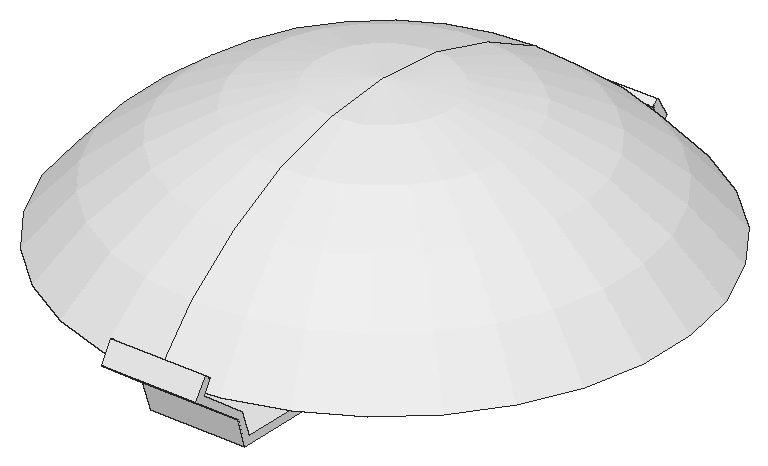
Revit family "PLAFMIN O", category Lighting Fixtures, host Face, Revit 2015
Parameters (values of type "KANLUX PLAFMIN O 25690")
  Średnica = 250 mm  # constant formula
  Wattage = 40 W
  built-in parameter 1150110 = 1 (stored number, unit not read)
  built-in parameter 1114217 = 1 (stored number, unit not read)
  Tilt Angle = 90.00°  # constant formula
  built-in parameter 1150109 = 1 (stored number, unit not read)
  built-in parameter 1150134 = (empty or 0)
  built-in parameter 1150113 = 1 (stored number, unit not read)
  Photometric Web File = "generic"
  built-in parameter 1150142 = (empty or 0)
  Materiał klosz = KANLUX - klosz - tworzywo sztuczne
  built-in parameter 1150105 = 477.46 (stored number, unit not read)
  Lumens = 6000 lm
  built-in parameter 1150115 = 1 (stored number, unit not read)
  built-in parameter 1150137 = (empty or 0)
  built-in parameter 1150139 = (empty or 0)
  built-in parameter 1150112 = 1 (stored number, unit not read)
  built-in parameter 1150114 = 1 (stored number, unit not read)
  Kod = "25690"
  Keynote = ""
  built-in parameter 1150132 = (empty or 0)
  built-in parameter 1150102 = (empty or 0)
  built-in parameter 1150107 = 3000 (stored number, unit not read)
  built-in parameter 1150138 = (empty or 0)
  built-in parameter 1150106 = 4.7746 (stored number, unit not read)
  built-in parameter 1150104 = 13.935 (stored number, unit not read)
  Wysokość = 90 mm  # constant formula
  Współczynnik mocy = 1
  URL = "www.kanlux.pl"
  Manufacturer = "KANLUX"  # constant formula
  Dimming Lamp Color Temperature Shift = <None>
  Color Filter = 16777215
  built-in parameter 1114218 = 1 (stored number, unit not read)
  built-in parameter 1150133 = 10 (stored number, unit not read)
  Apparent Load = Moc oprawy / Współczynnik mocy  # 40 VA
  Model = "PLAFMIN O"
  Wattage Comments = "40"
  Moc oprawy = 40 W
  Materiał obudowa = KANLUX - obudowa - biały
  Lamp = ""
  Klasyfikacja obciążenia = Oświetlenie
  IP = "IP20"  # constant formula
  Default Elevation = 0 mm
Reference planes
  plane 1 "Środek (Przód/Tył)": y = 0
  plane 2: z = 0
  plane 3 "Środek (Lewa/Prawa)": x = 0
  plane 4: z = 90
  plane 5: z = 36
  plane 6: z = 12
  plane 7: z = 3
  plane 8: z = 0
  plane 9: y = -99
  plane 10: y = -103
  plane 11: y = -125
  plane 12: x = -20
  plane 13: x = 20
  plane 14: y = -120.974
  plane 15: y = 99
  plane 16: y = 103
  plane 17: y = 125
  plane 18: y = 120.974
  plane 19: z = 28.781
  plane 20: y = -119.999
  plane 21: y = 119.999
Forms (mm)
  Revolve 1, solid, material "KANLUX - klosz - tworzywo sztuczne" <- "Materiał klosz"
    sketch origin (0, 1524, 1219.2) x (0, 1, 0) y (0, 0, 1)
      loop
        line (-1644.974, -1190.419) -> (-1524, -1190.419) -> (-1524, -1129.2)
        arc (-1524, -1129.2) -> (-1591.79, -1145.377) -> (-1644.974, -1190.419) r 150.144
      axis (-1524, -1129.2) -> (-1524, -1190.419)
    angle from 0 to 360
  Extrusion 2, solid, material "KANLUX - obudowa - biały" <- "Materiał obudowa"
    sketch origin (550, 1524, 1219.2) x (0, 1, 0) y (0, 0, 1)
      loop
        line (-1620.838, -1216.2) -> (-1624.458, -1205.339) -> (-1644.974, -1190.419) -> (-1641.456, -1184.79) -> (-1643.999, -1183.2) -> (-1649, -1191.2) -> (-1627, -1207.2) -> (-1623, -1219.2) -> (-1425, -1219.2) -> (-1421, -1207.2) -> (-1399, -1191.2) -> (-1404, -1183.167) -> (-1406.547, -1184.752) -> (-1403.022, -1190.416) -> (-1423.542, -1205.339) -> (-1427.162, -1216.2) -> (-1620.838, -1216.2)
    from -570 to -530
Dimensions and locks
  plane 3 "Środek (Lewa/Prawa)" to plane 12 = 20 mm
  plane 13 to plane 3 "Środek (Lewa/Prawa)" = 20 mm
  "Wysokość": plane 4 to host face
  locked: plane 7 to host face at 3
  locked: plane 7 to plane 6 at 9
  locked: plane 6 to plane 19 at 16.781
  locked: plane 19 to plane 5 at 7.219
  "Średnica": plane 17 to plane 11
  equal spacing: plane 17, plane 1 "Środek (Przód/Tył)", plane 11
  plane 17 to plane 18 = 4.026 mm
  locked: plane 18 to plane 21 at 0.975
  locked: plane 21 to plane 16 at 16.999
  locked: plane 16 to plane 15 at 4
  plane 11 to plane 14 = 4.026 mm
  locked: plane 14 to plane 20 at 0.975
  locked: plane 20 to plane 10 at 16.999
  locked: plane 10 to plane 9 at 4
  aligned and locked: plane 2 to host face
  aligned and locked: level to host face
  aligned and locked: plane 3 "Środek (Lewa/Prawa)" to imposter light
  aligned and locked: imposter light to plane 1 "Środek (Przód/Tył)"
  aligned and locked: plane 4 to imposter light
  aligned and locked: Extrusion 2 to plane 12
  aligned and locked: Extrusion 2 to plane 13
  aligned and locked: imposter light to Revolve 1 sketch curve
  aligned and locked: plane 14 to Revolve 1 sketch curve
  aligned and locked: plane 19 to Revolve 1 sketch curve
  aligned and locked: Extrusion 2 sketch curve to host face
  aligned and locked: plane 10 to Extrusion 2 sketch curve
  aligned and locked: plane 6 to Extrusion 2 sketch curve  (x2)
  aligned and locked: plane 20 to Extrusion 2 sketch curve
  aligned and locked: plane 5 to Extrusion 2 sketch curve
  aligned and locked: plane 14 to Extrusion 2 sketch curve
  aligned and locked: plane 19 to Extrusion 2 sketch curve
  aligned and locked: plane 15 to Extrusion 2 sketch curve
  aligned and locked: plane 16 to Extrusion 2 sketch curve
Automatic sketch dimensions
  host sketch curve to host sketch curve = 2438.4 mm  (x2)
  Revolve 1 sketch curve to plane 1 "Środek (Przód/Tył)" = 0 mm  (x2)
  Revolve 1 sketch curve to plane 1 "Środek (Przód/Tył)" = 0.003 mm
  Revolve 1 sketch curve to Revolve 1 sketch curve = 172.729 mm
  Revolve 1 sketch curve to Revolve 1 sketch curve = 286.77 mm
  Extrusion 2 sketch curve to plane 11 = 0 mm
  Extrusion 2 sketch curve to plane 9 = 0 mm
  plane 7 to Extrusion 2 sketch curve = 0 mm
  Extrusion 2 sketch curve to plane 17 = 0 mm
  plane 20 to Extrusion 2 sketch curve = 2.543 mm
  Extrusion 2 sketch curve to plane 9 = 1.458 mm
  plane 9 to Extrusion 2 sketch curve = 2.162 mm
  plane 15 to Extrusion 2 sketch curve = 2.162 mm
  Extrusion 2 sketch curve to plane 15 = 1.458 mm
  plane 21 to Extrusion 2 sketch curve = 2.546 mm
  Extrusion 2 sketch curve to plane 21 = 0.001 mm
  Extrusion 2 sketch curve to plane 19 = 0.003 mm
  Extrusion 2 sketch curve to plane 18 = 0.004 mm
  Extrusion 2 sketch curve to plane 6 = 1.861 mm  (x2)
  plane 19 to Extrusion 2 sketch curve = 0.781 mm  (x2)
  plane 5 to Extrusion 2 sketch curve = 1.59 mm
Connectors
  electrical at (0, 0, 0), driven by "Apparent Load", driven by "Współczynnik mocy", driven by "Klasyfikacja obciążenia"
    settings: on host face, index 1, voltage 230 V, apparent load 40 VA, apparent load phase1 0 VA, apparent load phase2 0 VA, apparent load phase3 0 VA, power factor 1, load classification "Oświetlenie", number of poles 1, system type 30, power factor state 1, is connector primary yes, connector utility no, sub classification motor no, connector description ""
